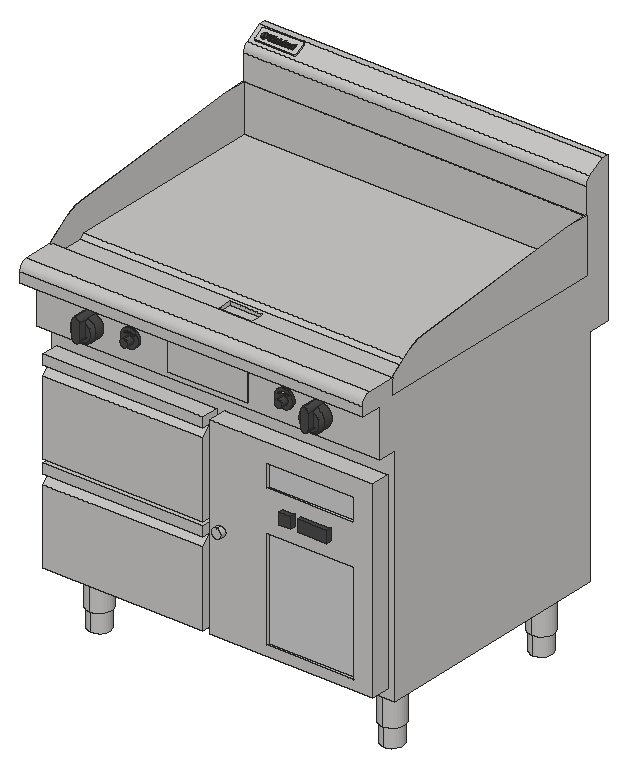
Revit family "QF_MOFFAT WALDORF_GP8900G-RB", category Specialty Equipment, Revit 2012
Parameters
  Weight in Pounds = 440.924  # constant formula
  Width [instance] = 900.00 mm  # constant formula
  Watts = 250 W
  Volts = 240 V
  URL Cutsheet = "www.moffat.com"
  URL = "www.moffat.com"
  Type Mark [instance] = ""
  Status [instance] = ""
  Specification by User [instance] = ""
  Specification by Manufacturer = ""
  Show Logo [instance] = yes
  Show Door [instance] = no
  Show Clearance [instance] = yes
  Show Casters [instance] = no
  Serial Number = ""
  Seismic Rating = ""
  SMACNA No = ""
  Revision Code [instance] = ""
  Refrigerant Type = "R134a"
  Phase = 1
  Omniclass Number and Title = ""
  Number of Poles = 1
  NAFEM Spec ID Number = ""
  Model = "GP8900G-RB"
  Min Ckt Ampacity = 0 A
  Mechanical Remarks = ""
  Mechanical Connection Type = ""
  Max Overcurrent Protection = 0 A
  Masterspec = ""
  Manufacturer = "MOFFAT WALDORF"
  Legs [instance] = not(Show Casters)  # yes
  Item Number [instance] = ""
  Installed By [instance] = ""
  Identify Quantity as Lot [instance] = yes
  Height = 1130.00 mm  # constant formula
  HP = ""
  Gas Size = 3/4"
  Gas RI Height = 0.00 mm
  Gas KW = 22.2
  Gas Input = 75825.0 Btu/h
  Gas Connection Height = 0.00 mm
  Furnished By [instance] = ""
  Foodservice Equipment Identifier [instance] = yes
  FL Amps = 1.8 A
  Elec Conn RI Height = 0.00 mm
  Elec Conn Connection Height = 0.00 mm
  Drawer Clearance [instance] = and(Show Clearance, and(Drawer))  # yes
  Drawer [instance] = not(Show Door)  # yes
  Door Clearance [instance] = and(Show Clearance, and(Show Door))  # no
  Description = "GRIDDLE PLATE GAS ON REFRIGERATED BASE"
  Depth [instance] = 805.00 mm  # constant formula
  Cycle = 50 Hz
  Conn Plug = ""
  Conn Conduit = yes
  CSI MasterFormat = ""
  CSI Master Format = ""
  Back Splash [instance] = 215.00 mm  # constant formula
  Apparent Power = if(Phase = 3, Volts * FL Amps * 1.73, Volts * FL Amps)  # 432 VA
Reference planes
  plane 1 "BACK": y = 0
  plane 2: z = 0
  plane 3 "LEFT": x = 0
  plane 4 "RIGHT": x = 900
  plane 5 "FRONT": y = -805
  plane 6 "TOP": z = 1130
  plane 7 "Center Y": x = 450
  plane 8 "Center X": y = -402.5
  plane 9 "Base Height": z = 150
  plane 10: z = 915
  plane 11: x = 65
  plane 12: x = 834
  plane 13: y = -625
  plane 14: x = 770
  plane 15: z = 655
  plane 16: y = -32
  plane 17: z = 174
  plane 18: z = 402
  plane 19: x = 617
  plane 20: y = -135
Forms (mm)
  Extrusion 1, solid, material "QF_Finishes_Stainless Steel"
    sketch origin (0, 0, 0) x (0, 1, 0) y (0, 0, 1)
      loop
        line (-805, 891) -> (-805, 866) -> (-749, 866) -> (-749, 740) -> (-699, 740) -> (-699, 150) -> (-59, 150) -> (-59, 740) -> (0, 740) -> (0, 1130) -> (-16.5, 1130) -> (-58, 1106.04)
        arc (-58, 1106.04) -> (-66.785, 1097.255) -> (-70, 1085.255) r 24
        line (-70, 1085.255) -> (-70, 875) -> (-705, 875) -> (-705, 915) -> (-781, 915)
        arc (-781, 915) -> (-797.971, 907.971) -> (-805, 891) r 24
    from 0 to 900
  Revolve 2, solid, material "QF_Finishes_Stainless Steel", visible <- "Legs"
    sketch origin (834, -245, 0) x (0, 1, 0) y (0, 0, -1)
      loop
        line (78.25, -150) -> (110, -150) -> (110, 0) -> (82.5, 0) -> (82.5, -50) -> (78.25, -50) -> (78.25, -150)
      axis (110, -150) -> (110, 0)
    angle from 0 to 360
  Revolve 3, solid, material "QF_Finishes_Stainless Steel"
    sketch origin (834, -735, 0) x (0, 1, 0) y (0, 0, -1)
      loop
        line (78.25, -150) -> (110, -150) -> (110, 0) -> (82.5, 0) -> (82.5, -50) -> (78.25, -50) -> (78.25, -150)
      axis (110, -150) -> (110, 0)
    angle from 0 to 360
  Revolve 4, solid, material "QF_Finishes_Stainless Steel", visible <- "Legs"
    sketch origin (65, -245, 0) x (0, 1, 0) y (0, 0, -1)
      loop
        line (78.25, -150) -> (110, -150) -> (110, 0) -> (82.5, 0) -> (82.5, -50) -> (78.25, -50) -> (78.25, -150)
      axis (110, -150) -> (110, 0)
    angle from 0 to 360
  Revolve 5, solid, material "QF_Finishes_Stainless Steel"
    sketch origin (65, -735, 0) x (0, 1, 0) y (0, 0, -1)
      loop
        line (78.25, -150) -> (110, -150) -> (110, 0) -> (82.5, 0) -> (82.5, -50) -> (78.25, -50) -> (78.25, -150)
      axis (110, -150) -> (110, 0)
    angle from 0 to 360
  Revolve 6, solid, material "QF_Finishes_Black"
    sketch origin (150, 0, 602.373) x (0, 1, 0) y (0, 0, -1)
      loop
        line (-782, -229.5) -> (-759, -229.5) -> (-759, -202) -> (-749, -202) -> (-749, -197) -> (-793, -197) -> (-793, -223.651) -> (-782, -229.5)
      axis (-793, -197) -> (-749, -197)
    angle from 0 to 360
  Extrusion 7, solid, material "QF_Finishes_Black"
    sketch origin (288.27, 0, 602.531) x (-1, 0, 0) y (0, 0, -1)
      loop
        arc (148.269, -184.969) -> (138.269, -174.969) -> (128.269, -184.969) r 10
        line (128.269, -184.969) -> (128.269, -223.969)
        arc (128.269, -223.969) -> (138.269, -233.969) -> (148.269, -223.969) r 10
        line (148.269, -223.969) -> (148.269, -184.969)
    from 759 to 808
  Extrusion 8, solid, material "QF_Finishes_Stainless Steel"
    sketch origin (-295, -749, 866) x (0, 0, -1) y (1, 0, 0)
      loop
        line (24, 640) -> (111, 640) -> (111, 850) -> (24, 850) -> (24, 640)
    from 0 to 2.5
  Extrusion 9, solid, material "QF_Finishes_Stainless Steel"
    sketch origin (-295, -751.5, 866) x (0, 0, -1) y (1, 0, 0)
      loop
        line (31, 850) -> (24, 850) -> (24, 640) -> (31, 640) -> (31, 850)
    from 0 to 5
  Extrusion 10, solid, material "QF_Finishes_Black"
    sketch origin (0, -749, 866) x (0, 0, -1) y (1, 0, 0)
      loop
        circle (66.25, 247.5) r 24
      loop
        arc (56.35, 262.413) -> (48.314, 247.625) -> (56.132, 232.719) r 17.868
        arc (56.132, 232.719) -> (56.612, 232.434) -> (57.127, 232.649) r 0.621
        arc (57.127, 232.649) -> (58.564, 235.208) -> (58.908, 238.122) r 7.495
        arc (58.908, 238.122) -> (58.704, 239.05) -> (58.256, 239.888) r 3.472
        arc (58.256, 239.888) -> (55.964, 247.351) -> (58.094, 254.862) r 13.786
        arc (58.094, 254.862) -> (58.734, 256.132) -> (58.999, 257.528) r 5.101
        arc (58.999, 257.528) -> (58.628, 260.047) -> (57.334, 262.239) r 6.611
        arc (57.334, 262.239) -> (56.872, 262.497) -> (56.35, 262.413) r 0.806
    from 0 to 5
  Extrusion 11, solid, material "QF_Finishes_Black"
    sketch origin (0, -754, 866) x (0, 0, -1) y (1, 0, 0)
      loop
        circle (69.75, 247.5) r 10
    from 0 to 18.251
  Extrusion 12, solid, material "QF_Finishes_Stainless Steel"
    sketch origin (0, -699, 685) x (1, 0, 0) y (0, -1, 0)
      loop
        circle (770, -667) r 13.5
    from -55 to 30
  Revolve 13, solid, material "QF_Finishes_Black"
    sketch origin (750, 0, 602.373) x (0, 1, 0) y (0, 0, 1)
      loop
        line (-782, 229.5) -> (-793, 223.651) -> (-793, 197) -> (-749, 197) -> (-749, 202) -> (-759, 202) -> (-759, 229.5) -> (-782, 229.5)
      axis (-793, 197) -> (-749, 197)
    angle from 0 to 360
  Extrusion 14, solid, material "QF_Finishes_Black"
    sketch origin (611.73, 0, 602.531) x (1, 0, 0) y (0, 0, 1)
      loop
        line (148.269, 184.969) -> (148.269, 223.969)
        arc (148.269, 223.969) -> (138.269, 233.969) -> (128.269, 223.969) r 10
        line (128.269, 223.969) -> (128.269, 184.969)
        arc (128.269, 184.969) -> (138.269, 174.969) -> (148.269, 184.969) r 10
    from 759 to 808
  Extrusion 15, solid, material "QF_Finishes_Black"
    sketch origin (900, -749, 866) x (0, 0, -1) y (1, 0, 0)
      loop
        circle (66.25, -247.5) r 24
      loop
        arc (56.35, -262.413) -> (56.872, -262.497) -> (57.334, -262.239) r 0.806
        arc (57.334, -262.239) -> (58.628, -260.047) -> (58.999, -257.528) r 6.611
        arc (58.999, -257.528) -> (58.734, -256.132) -> (58.094, -254.862) r 5.101
        arc (58.094, -254.862) -> (55.964, -247.351) -> (58.256, -239.888) r 13.786
        arc (58.256, -239.888) -> (58.704, -239.05) -> (58.908, -238.122) r 3.472
        arc (58.908, -238.122) -> (58.564, -235.208) -> (57.127, -232.649) r 7.495
        arc (57.127, -232.649) -> (56.612, -232.434) -> (56.132, -232.719) r 0.621
        arc (56.132, -232.719) -> (48.314, -247.625) -> (56.35, -262.413) r 17.868
    from 0 to 5
  Extrusion 16, solid, material "QF_Finishes_Black"
    sketch origin (900, -754, 866) x (0, 0, -1) y (1, 0, 0)
      loop
        circle (69.75, -247.5) r 10
    from 0 to 18.251
  Extrusion 17, solid, material "QF_Finishes_Stainless Steel"
    sketch origin (0, -699, 866) x (0, 0, -1) y (1, 0, 0)
      loop
        line (188, 881) -> (188, 453) -> (692, 453) -> (692, 881) -> (188, 881)
      loop
        line (667, 831) -> (402, 831) -> (402, 601) -> (667, 601) -> (667, 831)
      loop
        line (238, 831) -> (238, 601) -> (298, 601) -> (298, 831) -> (238, 831)
    from 0 to 48
  Extrusion 18, solid, material "QF_Finishes_Black"
    sketch origin (0, -747, 866) x (0, 0, -1) y (1, 0, 0)
      loop
        line (332.46, 644.926) -> (362.46, 644.926) -> (362.46, 674.926) -> (332.46, 674.926) -> (332.46, 644.926)
      loop
        line (332.46, 692.503) -> (362.46, 692.503) -> (362.46, 770.815) -> (332.46, 770.815) -> (332.46, 692.503)
    from 0 to 12.7
  Extrusion 19, solid, material "QF_Finishes_Stainless Steel"
    sketch origin (0, -747, 866) x (0, 0, -1) y (1, 0, 0)
      loop
        circle (441.229, 480.856) r 12.395
    from 0 to 12.7
  Extrusion 20, solid, material "QF_Finishes_Vents"
    sketch origin (0, -699, 866) x (0, 0, 1) y (-1, 0, 0)
      loop
        line (-298, -601) -> (-298, -831) -> (-238, -831) -> (-238, -601) -> (-298, -601)
      loop
        line (-402, -601) -> (-667, -601) -> (-667, -831) -> (-402, -831) -> (-402, -601)
    from 38.919 to -44.529
  Extrusion 21, solid, material "QF_Finishes_Stainless Steel"
    sketch origin (0, -59, 866) x (0, 0, 1) y (1, 0, 0)
      loop
        circle (-464, 617) r 13.5
    from 0 to 3.18
Cuts and joins
  joined: Extrusion 8, Extrusion 9
Lines and regions (mm)
  Split face 1
    outline origin (12.5, -16.5, 1130) x (0, -0.866025, -0.5) y (1, 0, 0)
      loop
        line (5.391, 151.462) -> (40.361, 151.462) -> (40.361, 169.241) -> (5.391, 169.241) -> (5.391, 151.462)
  Split face 2
    outline origin (66.25, -16.5, 1130) x (0, -0.866025, -0.5) y (1, 0, 0)
      loop
        line (5.391, 151.462) -> (40.361, 151.462) -> (40.361, 169.241) -> (5.391, 169.241) -> (5.391, 151.462)
  Split face 3
    outline origin (120, -16.5, 1130) x (0, -0.866025, -0.5) y (1, 0, 0)
      loop
        line (5.391, 151.462) -> (40.361, 151.462) -> (40.361, 169.241) -> (5.391, 169.241) -> (5.391, 151.462)
  Split face 4
    outline origin (-121.25, -16.5, 1130) x (0, -0.866025, -0.5) y (1, 0, 0)
      loop
        line (5.391, 451.462) -> (40.361, 451.462) -> (40.361, 469.241) -> (5.391, 469.241) -> (5.391, 451.462)
  Split face 5
    outline origin (-67.5, -16.5, 1130) x (0, -0.866025, -0.5) y (1, 0, 0)
      loop
        line (5.391, 451.462) -> (40.361, 451.462) -> (40.361, 469.241) -> (5.391, 469.241) -> (5.391, 451.462)
  Split face 6
    outline origin (-13.75, -16.5, 1130) x (0, -0.866025, -0.5) y (1, 0, 0)
      loop
        line (5.391, 451.462) -> (40.361, 451.462) -> (40.361, 469.241) -> (5.391, 469.241) -> (5.391, 451.462)
  Split face 7
    outline origin (40, -16.5, 1130) x (0, -0.866025, -0.5) y (1, 0, 0)
      loop
        line (5.391, 451.462) -> (40.361, 451.462) -> (40.361, 469.241) -> (5.391, 469.241) -> (5.391, 451.462)
  Split face 8
    outline origin (95, -16.5, 1130) x (0, -0.866025, -0.5) y (1, 0, 0)
      loop
        line (5.391, 451.462) -> (40.361, 451.462) -> (40.361, 469.241) -> (5.391, 469.241) -> (5.391, 451.462)
  Split face 9
    outline origin (150, -16.5, 1130) x (0, -0.866025, -0.5) y (1, 0, 0)
      loop
        line (5.391, 451.462) -> (40.361, 451.462) -> (40.361, 469.241) -> (5.391, 469.241) -> (5.391, 451.462)
  Split face 10
    outline origin (205, -16.5, 1130) x (0, -0.866025, -0.5) y (1, 0, 0)
      loop
        line (5.391, 451.462) -> (40.361, 451.462) -> (40.361, 469.241) -> (5.391, 469.241) -> (5.391, 451.462)
  symbolic lines
    curve 1: line (0, 0, 0) -> (0, -805, 0)
    curve 2: line (900, 0, 0) -> (0, 0, 0)
    curve 3: line (900, -805, 0) -> (900, 0, 0)
    curve 4: line (0, -70, 0) -> (900, -70, 0)
    curve 5: line (0, -805, 0) -> (900, -805, 0)
    curve 6: line (12.5, -20.958, 0) -> (121.5, -20.958, 0)
    curve 7: line (12.5, -51.234, 0) -> (12.5, -20.958, 0)
    curve 8: line (121.5, -20.958, 0) -> (121.5, -51.234, 0)
    curve 9: line (12.5, -51.234, 0) -> (121.5, -51.234, 0)
    curve 10: line (181.741, -21.168, 0) -> (181.741, -51.453, 0)
    curve 11: line (181.741, -51.453, 0) -> (163.962, -51.453, 0)
    curve 12: line (163.962, -51.453, 0) -> (163.962, -21.168, 0)
    curve 13: line (163.962, -21.168, 0) -> (181.741, -21.168, 0)
    curve 14: line (217.712, -51.453, 0) -> (217.712, -21.168, 0)
    curve 15: line (217.712, -21.168, 0) -> (235.491, -21.168, 0)
    curve 16: line (235.491, -21.168, 0) -> (235.491, -51.453, 0)
    curve 17: line (235.491, -51.453, 0) -> (217.712, -51.453, 0)
    curve 18: line (271.462, -51.453, 0) -> (271.462, -21.168, 0)
    curve 19: line (271.462, -21.168, 0) -> (289.241, -21.168, 0)
    curve 20: line (289.241, -21.168, 0) -> (289.241, -51.453, 0)
    curve 21: line (289.241, -51.453, 0) -> (271.462, -51.453, 0)
    curve 22: line (330.212, -51.453, 0) -> (330.212, -21.168, 0)
    curve 23: line (330.212, -21.168, 0) -> (347.991, -21.168, 0)
    curve 24: line (347.991, -21.168, 0) -> (347.991, -51.453, 0)
    curve 25: line (347.991, -51.453, 0) -> (330.212, -51.453, 0)
    curve 26: line (383.962, -51.453, 0) -> (401.741, -51.453, 0)
    curve 27: line (401.741, -51.453, 0) -> (401.741, -21.168, 0)
    curve 28: line (401.741, -21.168, 0) -> (383.962, -21.168, 0)
    curve 29: line (383.962, -21.168, 0) -> (383.962, -51.453, 0)
    curve 30: line (437.712, -51.453, 0) -> (455.491, -51.453, 0)
    curve 31: line (455.491, -51.453, 0) -> (455.491, -21.168, 0)
    curve 32: line (455.491, -21.168, 0) -> (437.712, -21.168, 0)
    curve 33: line (437.712, -21.168, 0) -> (437.712, -51.453, 0)
    curve 34: line (491.462, -51.453, 0) -> (509.241, -51.453, 0)
    curve 35: line (509.241, -51.453, 0) -> (509.241, -21.168, 0)
    curve 36: line (509.241, -21.168, 0) -> (491.462, -21.168, 0)
    curve 37: line (491.462, -21.168, 0) -> (491.462, -51.453, 0)
    curve 38: line (546.462, -51.453, 0) -> (564.241, -51.453, 0)
    curve 39: line (564.241, -51.453, 0) -> (564.241, -21.168, 0)
    curve 40: line (564.241, -21.168, 0) -> (546.462, -21.168, 0)
    curve 41: line (546.462, -21.168, 0) -> (546.462, -51.453, 0)
    curve 42: line (601.462, -51.453, 0) -> (619.241, -51.453, 0)
    curve 43: line (619.241, -51.453, 0) -> (619.241, -21.168, 0)
    curve 44: line (619.241, -21.168, 0) -> (601.462, -21.168, 0)
    curve 45: line (601.462, -21.168, 0) -> (601.462, -51.453, 0)
    curve 46: line (656.462, -51.453, 0) -> (674.241, -51.453, 0)
    curve 47: line (674.241, -51.453, 0) -> (674.241, -21.168, 0)
    curve 48: line (674.241, -21.168, 0) -> (656.462, -21.168, 0)
    curve 49: line (656.462, -21.168, 0) -> (656.462, -51.453, 0)
Dimensions and locks
  equal spacing: plane 3 "LEFT", plane 7 "Center Y", plane 4 "RIGHT"
  "Width": plane 3 "LEFT" to plane 4 "RIGHT"
  equal spacing: plane 5 "FRONT", plane 8 "Center X", plane 1 "BACK"
  "Depth": plane 5 "FRONT" to plane 1 "BACK"
  locked: plane 10 to level at 915
  locked: plane 9 "Base Height" to level at 150
  plane 6 "TOP" to plane 10 = 215.00 mm
  "Height": plane 6 "TOP" to level
  plane 14 to plane 4 "RIGHT" = 130.00 mm
  plane 15 to level = 655.00 mm
  plane 16 to plane 1 "BACK" = 32.00 mm
  plane 18 to level = 402.00 mm
  plane 19 to plane 4 "RIGHT" = 283.00 mm
  plane 13 to plane 20 = 490.00 mm
  aligned and locked: level to plane 2
Automatic sketch dimensions
  plane 1 "BACK" to curve 1 = 0.00 mm
  curve 1 to plane 3 "LEFT" = 0.00 mm
  curve 2 to plane 4 "RIGHT" = 0.00 mm
  plane 5 "FRONT" to curve 5 = 0.00 mm
  plane 3 "LEFT" to curve 6 = 12.50 mm
  curve 9 to plane 16 = 19.234 mm
  plane 11 to curve 9 = 56.50 mm
  plane 16 to curve 12 = 10.832 mm
  curve 6 to curve 12 = 42.462 mm
  curve 12 to curve 13 = 17.779 mm
  curve 10 to curve 14 = 35.971 mm
  curve 14 to curve 15 = 17.779 mm
  plane 16 to curve 19 = 10.832 mm
  curve 15 to curve 19 = 35.971 mm
  curve 18 to curve 20 = 17.779 mm
  curve 22 to plane 16 = 19.453 mm
  curve 20 to curve 22 = 40.971 mm
  curve 22 to curve 24 = 17.779 mm
  plane 16 to curve 29 = 10.832 mm
  curve 23 to curve 29 = 35.971 mm
  curve 28 to curve 27 = 17.779 mm
  curve 33 to plane 7 "Center Y" = 12.288 mm
  plane 7 "Center Y" to curve 31 = 5.491 mm
  plane 16 to curve 36 = 10.832 mm
  curve 31 to curve 36 = 35.971 mm
  curve 36 to curve 36 = 17.779 mm
  plane 16 to curve 40 = 10.832 mm
  curve 35 to curve 40 = 37.221 mm
  curve 40 to curve 40 = 17.779 mm
  curve 38 to curve 45 = 37.221 mm
  curve 44 to curve 43 = 17.779 mm
  plane 16 to curve 48 = 10.832 mm
  curve 43 to curve 48 = 37.221 mm
  curve 48 to curve 48 = 17.779 mm
  curve 4 to curve 7 = 18.766 mm
  curve 46 to plane 16 = 19.453 mm
  curve 45 to plane 16 = 19.453 mm
  curve 41 to plane 16 = 19.453 mm
  curve 37 to plane 16 = 19.453 mm
  curve 10 to plane 16 = 19.453 mm
  curve 14 to plane 16 = 19.453 mm
  curve 33 to plane 16 = 19.453 mm
  curve 18 to plane 16 = 19.453 mm
  curve 29 to plane 16 = 19.453 mm
  plane 16 to curve 16 = 10.832 mm
  plane 16 to curve 22 = 10.832 mm
  plane 16 to curve 32 = 10.832 mm
  plane 16 to curve 43 = 10.832 mm
  plane 16 to curve 7 = 11.042 mm
  Extrusion 1 sketch curve to plane 5 "FRONT" = 0.00 mm
  Extrusion 1 sketch curve to plane 10 = 0.00 mm
  Extrusion 1 sketch curve to plane 6 "TOP" = 0.00 mm
  Extrusion 1 sketch curve to plane 5 "FRONT" = 24.00 mm
  Extrusion 1 sketch curve to plane 5 "FRONT" = 56.00 mm
  Extrusion 1 sketch curve to Extrusion 1 sketch curve = 44.00 mm
  Extrusion 1 sketch curve to Extrusion 1 sketch curve = 50.00 mm
  Extrusion 1 sketch curve to Extrusion 1 sketch curve = 12.00 mm
  Extrusion 1 sketch curve to plane 16 = 14.00 mm
  plane 16 to Extrusion 1 sketch curve = 15.50 mm
  plane 15 to Extrusion 1 sketch curve = 85.00 mm  (x2)
  Extrusion 1 sketch curve to Extrusion 1 sketch curve = 25.00 mm
  Extrusion 1 sketch curve to plane 10 = 40.00 mm
  Extrusion 1 sketch curve to plane 6 "TOP" = 44.745 mm
  Revolve 2 sketch curve to plane 9 "Base Height" = 0.00 mm
  Revolve 2 sketch curve to level = 0.00 mm
  level to Revolve 2 sketch curve = 50.00 mm
  Revolve 2 sketch curve to Revolve 2 sketch curve = 0.00 mm
  Revolve 2 sketch curve to Revolve 2 sketch curve = 55.00 mm
  Revolve 3 sketch curve to plane 9 "Base Height" = 0.00 mm
  Revolve 3 sketch curve to level = 0.00 mm
  Revolve 3 sketch curve to plane 13 = 0.00 mm  (x2)
  Revolve 3 sketch curve to plane 13 = 27.50 mm
  Revolve 3 sketch curve to plane 13 = 31.75 mm
  level to Revolve 3 sketch curve = 50.00 mm
  Revolve 3 sketch curve to Revolve 3 sketch curve = 0.00 mm
  Revolve 3 sketch curve to Revolve 3 sketch curve = 55.00 mm
  Revolve 4 sketch curve to plane 9 "Base Height" = 0.00 mm
  Revolve 4 sketch curve to level = 0.00 mm
  level to Revolve 4 sketch curve = 50.00 mm
  Revolve 4 sketch curve to Revolve 4 sketch curve = 0.00 mm
  Revolve 4 sketch curve to Revolve 4 sketch curve = 55.00 mm
  Revolve 5 sketch curve to plane 9 "Base Height" = 0.00 mm
  Revolve 5 sketch curve to level = 0.00 mm
  Revolve 5 sketch curve to plane 13 = 0.00 mm  (x2)
  Revolve 5 sketch curve to plane 13 = 27.50 mm
  Revolve 5 sketch curve to plane 13 = 31.75 mm
  level to Revolve 5 sketch curve = 50.00 mm
  Revolve 5 sketch curve to Revolve 5 sketch curve = 0.00 mm
  Revolve 5 sketch curve to Revolve 5 sketch curve = 55.00 mm
  Extrusion 1 to Split face 1 sketch curve = 5.391 mm
  Split face 1 sketch curve to Extrusion 1 = 7.559 mm
  Split face 1 sketch curve to Extrusion 1 = 163.962 mm
  Split face 1 sketch curve to Split face 1 sketch curve = 17.779 mm
  Extrusion 1 to Split face 2 sketch curve = 5.391 mm
  Split face 2 sketch curve to Extrusion 1 = 7.559 mm
  Split face 2 sketch curve to Extrusion 1 = 217.712 mm
  Split face 2 sketch curve to Split face 2 sketch curve = 17.779 mm
  Extrusion 1 to Split face 3 sketch curve = 5.391 mm
  Split face 3 sketch curve to Extrusion 1 = 7.559 mm
  Split face 3 sketch curve to Extrusion 1 = 271.462 mm
  Split face 3 sketch curve to Split face 3 sketch curve = 17.779 mm
  Extrusion 1 to Split face 4 sketch curve = 5.391 mm
  Split face 4 sketch curve to Extrusion 1 = 7.559 mm
  Split face 4 sketch curve to Extrusion 1 = 330.212 mm
  Split face 4 sketch curve to Split face 4 sketch curve = 17.779 mm
  Extrusion 1 to Split face 5 sketch curve = 5.391 mm
  Split face 5 sketch curve to Extrusion 1 = 7.559 mm
  Split face 5 sketch curve to Extrusion 1 = 383.962 mm
  Split face 5 sketch curve to Split face 5 sketch curve = 17.779 mm
  Extrusion 1 to Split face 6 sketch curve = 5.391 mm
  Split face 6 sketch curve to Extrusion 1 = 7.559 mm
  Split face 6 sketch curve to Extrusion 1 = 437.712 mm
  Split face 6 sketch curve to Split face 6 sketch curve = 17.779 mm
  Extrusion 1 to Split face 7 sketch curve = 5.391 mm
  Split face 7 sketch curve to Extrusion 1 = 7.559 mm
  Split face 7 sketch curve to Extrusion 1 = 408.538 mm
  Split face 7 sketch curve to Split face 7 sketch curve = 17.779 mm
  Revolve 6 sketch curve to plane 5 "FRONT" = 12.00 mm
  Revolve 6 sketch curve to Revolve 6 sketch curve = 0.00 mm  (x2)
  Revolve 6 sketch curve to Revolve 6 sketch curve = 11.00 mm
  Revolve 6 sketch curve to Revolve 6 sketch curve = 12.70 mm
  Revolve 6 sketch curve to Revolve 6 sketch curve = 23.00 mm
  Revolve 6 sketch curve to Revolve 6 sketch curve = 10.00 mm
  Revolve 6 sketch curve to plane 10 = 83.127 mm
  Revolve 6 sketch curve to Revolve 6 sketch curve = 5.849 mm
  Revolve 6 sketch curve to Revolve 6 sketch curve = 27.50 mm
  Revolve 6 sketch curve to Revolve 6 sketch curve = 5.00 mm
  plane 11 to Extrusion 7 sketch curve = 95.001 mm
  Extrusion 7 sketch curve to Extrusion 7 sketch curve = 10.00 mm
  Extrusion 7 sketch curve to plane 10 = 88.50 mm
  Extrusion 7 sketch curve to Extrusion 7 sketch curve = 39.00 mm
  Extrusion 1 to Extrusion 8 sketch curve = 24.00 mm
  Extrusion 8 sketch curve to Extrusion 1 = 15.00 mm
  Extrusion 1 to Extrusion 8 sketch curve = 345.00 mm
  Extrusion 8 sketch curve to Extrusion 8 sketch curve = 210.00 mm
  Extrusion 9 sketch curve to Extrusion 8 = 0.00 mm  (x2)
  Extrusion 8 to Extrusion 9 sketch curve = 0.00 mm
  Extrusion 9 sketch curve to Extrusion 8 = 7.00 mm
  Extrusion 1 to Extrusion 10 sketch curve = 51.437 mm
  Extrusion 10 sketch curve to Extrusion 10 sketch curve = 0.958 mm
  Extrusion 10 sketch curve to Extrusion 10 sketch curve = 1.509 mm
  Extrusion 10 sketch curve to Extrusion 10 sketch curve = 4.01 mm
  Extrusion 10 sketch curve to Extrusion 10 sketch curve = 0.685 mm
  Extrusion 10 sketch curve to Extrusion 10 sketch curve = 2.447 mm
  Extrusion 10 sketch curve to Extrusion 10 sketch curve = 0.524 mm
  Extrusion 10 sketch curve to Extrusion 10 sketch curve = 0.381 mm
  Extrusion 10 sketch curve to Extrusion 10 sketch curve = 0.472 mm
  Extrusion 10 sketch curve to Extrusion 10 sketch curve = 0.00 mm  (x5)
  Extrusion 10 sketch curve to Extrusion 10 sketch curve = 0.602 mm
  Extrusion 10 sketch curve to Extrusion 10 sketch curve = 4.19 mm
  Extrusion 10 sketch curve to Extrusion 10 sketch curve = 2.809 mm
  Extrusion 10 sketch curve to Extrusion 10 sketch curve = 0.652 mm
  Extrusion 10 sketch curve to Extrusion 10 sketch curve = 0.905 mm
  Extrusion 10 sketch curve to Extrusion 10 sketch curve = 8.087 mm
  Extrusion 10 sketch curve to Extrusion 10 sketch curve = 0.069 mm
  Extrusion 10 sketch curve to Extrusion 10 sketch curve = 3.50 mm
  Extrusion 1 to Extrusion 10 sketch curve = 232.649 mm
  Extrusion 10 sketch curve to Extrusion 10 sketch curve = 0.07 mm
  Extrusion 10 sketch curve to Extrusion 10 sketch curve = 7.606 mm
  Extrusion 10 sketch curve to Extrusion 10 sketch curve = 0.007 mm
  Extrusion 12 sketch curve to plane 14 = 0.00 mm
  Extrusion 12 sketch curve to plane 16 = 0.00 mm
  Revolve 13 sketch curve to plane 5 "FRONT" = 12.00 mm
  Revolve 13 sketch curve to Revolve 13 sketch curve = 0.00 mm  (x2)
  Revolve 13 sketch curve to Revolve 13 sketch curve = 11.00 mm
  Revolve 13 sketch curve to Revolve 13 sketch curve = 12.70 mm
  Revolve 13 sketch curve to Revolve 13 sketch curve = 23.00 mm
  Revolve 13 sketch curve to Revolve 13 sketch curve = 10.00 mm
  Revolve 13 sketch curve to plane 10 = 115.627 mm
  Revolve 13 sketch curve to Revolve 13 sketch curve = 5.00 mm
  Revolve 13 sketch curve to Revolve 13 sketch curve = 26.651 mm
  Revolve 13 sketch curve to Revolve 13 sketch curve = 5.849 mm
  Extrusion 14 sketch curve to plane 14 = 30.001 mm
  Extrusion 14 sketch curve to Extrusion 14 sketch curve = 10.00 mm
  Extrusion 14 sketch curve to plane 10 = 127.50 mm
  Extrusion 14 sketch curve to Extrusion 14 sketch curve = 39.00 mm
  Extrusion 1 to Extrusion 15 sketch curve = 51.437 mm
  Extrusion 15 sketch curve to Extrusion 15 sketch curve = 0.958 mm
  Extrusion 15 sketch curve to Extrusion 15 sketch curve = 1.509 mm
  Extrusion 15 sketch curve to Extrusion 15 sketch curve = 4.01 mm
  Extrusion 15 sketch curve to Extrusion 15 sketch curve = 0.685 mm
  Extrusion 15 sketch curve to Extrusion 15 sketch curve = 2.447 mm
  Extrusion 15 sketch curve to Extrusion 15 sketch curve = 0.524 mm
  Extrusion 15 sketch curve to Extrusion 15 sketch curve = 0.381 mm
  Extrusion 15 sketch curve to Extrusion 15 sketch curve = 0.472 mm
  Extrusion 15 sketch curve to Extrusion 15 sketch curve = 0.00 mm  (x5)
  Extrusion 15 sketch curve to Extrusion 15 sketch curve = 0.602 mm
  Extrusion 15 sketch curve to Extrusion 15 sketch curve = 4.19 mm
  Extrusion 15 sketch curve to Extrusion 15 sketch curve = 2.809 mm
  Extrusion 15 sketch curve to Extrusion 15 sketch curve = 0.652 mm
  Extrusion 15 sketch curve to Extrusion 15 sketch curve = 0.905 mm
  Extrusion 15 sketch curve to Extrusion 15 sketch curve = 8.087 mm
  Extrusion 15 sketch curve to Extrusion 15 sketch curve = 0.069 mm
  Extrusion 15 sketch curve to Extrusion 15 sketch curve = 3.50 mm
  Extrusion 1 to Extrusion 15 sketch curve = 262.413 mm
  Extrusion 15 sketch curve to Extrusion 15 sketch curve = 0.175 mm
  Extrusion 15 sketch curve to Extrusion 15 sketch curve = 7.362 mm
  Extrusion 15 sketch curve to Extrusion 15 sketch curve = 0.007 mm
  Extrusion 1 to Split face 8 sketch curve = 5.391 mm
  Split face 8 sketch curve to Extrusion 1 = 7.559 mm
  Split face 8 sketch curve to Extrusion 1 = 353.538 mm
  Split face 8 sketch curve to Split face 8 sketch curve = 17.779 mm
  Extrusion 1 to Split face 9 sketch curve = 5.391 mm
  Split face 9 sketch curve to Extrusion 1 = 7.559 mm
  Split face 9 sketch curve to Extrusion 1 = 298.538 mm
  Split face 9 sketch curve to Split face 9 sketch curve = 17.779 mm
  Extrusion 1 to Split face 10 sketch curve = 5.391 mm
  Split face 10 sketch curve to Extrusion 1 = 7.559 mm
  Split face 10 sketch curve to Extrusion 1 = 243.538 mm
  Split face 10 sketch curve to Split face 10 sketch curve = 17.779 mm
  Extrusion 17 sketch curve to plane 17 = 0.00 mm
  Extrusion 17 sketch curve to plane 17 = 25.00 mm
  plane 12 to Extrusion 17 sketch curve = 3.00 mm  (x2)
  Extrusion 17 sketch curve to plane 15 = 191.00 mm
  Extrusion 17 sketch curve to plane 15 = 87.00 mm
  Extrusion 17 sketch curve to plane 15 = 27.00 mm
  plane 15 to Extrusion 17 sketch curve = 23.00 mm
  plane 7 "Center Y" to Extrusion 17 sketch curve = 151.00 mm
  Extrusion 17 sketch curve to Extrusion 17 sketch curve = 0.00 mm
  plane 7 "Center Y" to Extrusion 17 sketch curve = 3.00 mm
  plane 4 "RIGHT" to Extrusion 17 sketch curve = 19.00 mm
  Extrusion 18 sketch curve to Extrusion 17 = 34.46 mm  (x2)
  Extrusion 18 sketch curve to Extrusion 18 sketch curve = 30.00 mm  (x2)
  Extrusion 18 sketch curve to Extrusion 18 sketch curve = 0.00 mm
  Extrusion 17 to Extrusion 18 sketch curve = 43.926 mm
  Extrusion 18 sketch curve to Extrusion 18 sketch curve = 17.577 mm
  Extrusion 17 to Extrusion 18 sketch curve = 60.185 mm
  Extrusion 17 to Extrusion 19 sketch curve = 39.229 mm
  Extrusion 19 sketch curve to Extrusion 17 = 27.856 mm
  Extrusion 20 sketch curve to Extrusion 1 = 49.00 mm
  Extrusion 1 to Extrusion 20 sketch curve = 69.00 mm  (x2)
  Extrusion 20 sketch curve to Extrusion 20 sketch curve = 265.00 mm
  Extrusion 20 sketch curve to Extrusion 20 sketch curve = 104.00 mm
  Extrusion 20 sketch curve to Extrusion 20 sketch curve = 60.00 mm
  Extrusion 20 sketch curve to Extrusion 20 sketch curve = 230.00 mm
  Extrusion 20 sketch curve to Extrusion 20 sketch curve = 0.00 mm
  Extrusion 1 sketch curve to plane 9 "Base Height" = 0.00 mm
  Extrusion 1 sketch curve to plane 1 "BACK" = 0.00 mm
  Extrusion 1 to Extrusion 21 sketch curve = 252.00 mm
  Extrusion 1 to Extrusion 21 sketch curve = 283.00 mm
  Extrusion 1 sketch curve to Extrusion 1 sketch curve = 24.00 mm
  Extrusion 1 sketch curve to plane 16 = 27.00 mm
  Revolve 2 sketch curve to plane 16 = 134.75 mm
  Revolve 2 sketch curve to Revolve 2 sketch curve = 4.25 mm
  Revolve 2 sketch curve to Revolve 2 sketch curve = 27.50 mm  (x2)
  Revolve 4 sketch curve to plane 16 = 134.75 mm
  Revolve 4 sketch curve to Revolve 4 sketch curve = 4.25 mm
  Revolve 4 sketch curve to Revolve 4 sketch curve = 27.50 mm  (x2)
  radius of Extrusion 10 sketch curve = 24.00 mm
  radius of Extrusion 11 sketch curve to Extrusion 10 = 3.786 mm
  radius of Extrusion 12 sketch curve = 13.50 mm
  radius of Extrusion 15 sketch curve = 24.00 mm
  radius of Extrusion 16 sketch curve to Extrusion 15 = 3.786 mm
  radius of Extrusion 19 sketch curve = 12.395 mm
  radius of Extrusion 21 sketch curve = 13.50 mm
Nested families
  nested 1: "GP8900G-RB-CASTERS" at (65, -127.5, 0), Show Casters <- "Show Casters", visible <- "Show Casters", type "GP8600G-RB-CASTERS"
    with Type Mark "", Status "", Specification by User "", Show Casters no, Revision Code "", Item Number "", Installed By "", Identify Quantity as Lot yes, Furnished By "", Foodservice Equipment Identifier yes
  nested 2: "GP8900G-RB-CASTERS" at (835, -127.5, 0), Show Casters <- "Show Casters", visible <- "Show Casters", type "GP8600G-RB-CASTERS"
    with Type Mark "", Status "", Specification by User "", Show Casters no, Revision Code "", Item Number "", Installed By "", Identify Quantity as Lot yes, Furnished By "", Foodservice Equipment Identifier yes
  nested 3: "GAS GRIDDLE PLATE" at (0, -70, 875), type "GAS GRIDDLE PLATE"
    with Type Mark "", Status "", Specification by User "", Show Clearance yes, Revision Code "", Number of Poles 1, Mechanical Remarks "", Mechanical Connection Type "", Item Number "", Installed By "", Identify Quantity as Lot yes, Gas RI Height 0.00 mm, Gas KW 0, Gas Input 0.0 Btu/h, Furnished By "", Foodservice Equipment Identifier yes, Electrical Remarks "", Electric Connection Type "", Elec Conn RI Height 0.00 mm, Elec Conn Connection Height 0.00 mm
  nested 4: "GP8900G-RB-DOOR AND DRAWER" at (15, -702.18, 174), Show Door <- "Show Door", Show Drawer <- "Drawer", Drawer Clearance <- "Drawer Clearance", Door Clearance <- "Door Clearance", type "GP8900G-RB-DOOR AND DRAWER"
    with Type Mark "", Status "", Specification by User "", Show Drawer yes, Show Door no, Revision Code "", Item Number "", Installed By "", Identify Quantity as Lot yes, Furnished By "", Foodservice Equipment Identifier yes, Drawer Clearance yes, Door Clearance no
  nested 5: "WALDORF LOGO_FACE BASE" at (12.5, -21.848, 1126.912) x (1, 0, 0) z (0, -0.5, 0.866), visible <- "Show Logo", type "WALDORF LOGO_FACE BASE", detail levels medium+fine
    with Show Logo yes
Connectors
  piping at (770, -32, 655)
    settings: on Extrusion 12, index 1, connector radius 0.37402", flow factor 0, pipe flow 0 GPM, pressure drop 0.00 psi, fitting loss kfactor 0, connector angle 0.00°, fixture units 0, engagement length 0.00 mm, flow configuration 1, flow direction 1, fitting loss method 0, system type 7, joint type 0, gender type 0, connector reference index -1, connector utility 0, adjustable connector no, is connector primary yes, fitting loss table "", connector description "GAS CONNECTION"
  electrical at (617, -55.82, 402), driven by "Volts", driven by "Watts"
    settings: on Extrusion 21, index 2, voltage 240 V, apparent load 250 VA, apparent load phase1 0 VA, apparent load phase2 0 VA, apparent load phase3 0 VA, power factor 1, load classification "Other", number of poles 1, system type 30, power factor state 1, is connector primary yes, connector utility no, sub classification motor no, connector description "ELECTRICAL CONNECTION"
Definition of nested family "GAS GRIDDLE PLATE"
  Parameters (values of type "GAS GRIDDLE PLATE")
    Weight in Pounds = 0
    Watts = 0 W
    Volts = 0 V
    URL Cutsheet = ""
    Type Mark [instance] = ""
    Status [instance] = ""
    Specification by User [instance] = ""
    Specification by Manufacturer = ""
    Show Clearance [instance] = yes
    Serial Number = ""
    Seismic Rating = ""
    SMACNA No = ""
    Revision Code [instance] = ""
    Phase = 1
    Omniclass Number and Title = ""
    Number of Poles [instance] = 1
    NAFEM Spec ID Number = ""
    Min Ckt Ampacity = 0 A
    Mechanical Remarks [instance] = ""
    Mechanical Connection Type [instance] = ""
    Max Overcurrent Protection = 0 A
    Masterspec = ""
    Item Number [instance] = ""
    Installed By [instance] = ""
    Identify Quantity as Lot [instance] = yes
    HP = ""
    Gas Size = 0"
    Gas RI Height [instance] = 0.00 mm
    Gas KW [instance] = 0
    Gas Input [instance] = 0.0 Btu/h
    Gas Connection Height = 0.00 mm
    Furnished By [instance] = ""
    Foodservice Equipment Identifier [instance] = yes
    FL Amps = 0 A
    Electrical Remarks [instance] = ""
    Electric Connection Type [instance] = ""
    Elec Conn RI Height [instance] = 0.00 mm
    Elec Conn Connection Height [instance] = 0.00 mm
    Cycle = 0 Hz
    Conn Plug = ""
    Conn Conduit = yes
    CSI MasterFormat = ""
    CSI Master Format = ""
    Apparent Power = if(Phase = 3, Volts * FL Amps * 1.73, Volts * FL Amps)  # 0 VA
  Reference planes
    plane 1 "BACK": y = 0
    plane 2: z = 0
    plane 3 "LEFT": x = 0
    plane 4 "RIGHT": x = 900
    plane 5 "FRONT": y = -634.4
    plane 6 "TOP": z = 142.5
    plane 7 "Center Y": x = 450
    plane 8 "Center X": y = -317.2
  Forms (mm)
    Extrusion 1, solid, material "QF_Finishes_Stainless Steel"
      sketch origin (0, 70.003, -875) x (0, 1, 0) y (0, 0, 1)
        loop
          line (-70, 875) -> (-70, 1017.5) -> (-126.948, 1017.5) -> (-604.433, 971.523)
          arc (-604.433, 971.523) -> (-629.46, 965.803) -> (-652.206, 953.899) r 100
          line (-652.206, 953.899) -> (-704.403, 917.35) -> (-704.403, 875) -> (-70, 875)
      from 0 to 1.8
    Extrusion 2, solid, material "QF_Finishes_Stainless Steel"
      sketch origin (150, 70.003, -875) x (0, 1, 0) y (0, 0, 1)
        loop
          line (-70, 895) -> (-601, 895) -> (-611.5, 884.5) -> (-704.403, 884.5) -> (-704.403, 875) -> (-70, 875) -> (-70, 895)
      from -148.2 to 748.2
    Extrusion 3, void
      sketch origin (150, -541.497, 9.5) x (0, -1, 0) y (1, 0, 0)
        loop
          line (10, 344.25) -> (10, 255.75) -> (48.5, 255.75) -> (48.5, 344.25) -> (10, 344.25)
      from -41.4 to 40.142
    Extrusion 4, solid, material "QF_Finishes_Stainless Steel"
      sketch origin (150, 0.003, 211.074) x (0, 0, -1) y (1, 0, 0)
        loop
          line (68.574, -148.2) -> (191.074, -148.2) -> (191.074, 748.2) -> (68.574, 748.2) -> (68.574, -148.2)
      from 0 to 1.683
    Extrusion 5, solid, material "QF_Finishes_Stainless Steel"
      sketch origin (900, 70.003, -875) x (0, 1, 0) y (0, 0, -1)
        loop
          line (-70, -875) -> (-704.403, -875) -> (-704.403, -917.35) -> (-652.206, -953.899)
          arc (-652.206, -953.899) -> (-629.46, -965.803) -> (-604.433, -971.523) r 100
          line (-604.433, -971.523) -> (-126.948, -1017.5) -> (-70, -1017.5) -> (-70, -875)
      from 0 to 1.8
  Cuts and joins
    Extrusion 3 cuts Extrusion 2
  Lines and regions (mm)
    symbolic lines
      curve 1: line (898.8, -530.997, 0) -> (1.8, -530.997, 0)
      curve 2: line (1.8, -541.497, 0) -> (898.8, -541.497, 0)
      curve 3: line (405.75, -551.497, 0) -> (405.75, -589.997, 0)
      curve 4: line (405.75, -589.997, 0) -> (494.25, -589.997, 0)
      curve 5: line (494.25, -589.997, 0) -> (494.25, -551.497, 0)
      curve 6: line (494.25, -551.497, 0) -> (405.75, -551.497, 0)
      curve 7: line (1.8, -1.68, 0) -> (898.8, -1.68, 0)
      curve 8: line (898.8, -1.68, 0) -> (898.8, -634.4, 0)
      curve 9: line (1.8, -634.4, 0) -> (1.8, -1.68, 0)
      curve 10: line (1.8, -634.4, 0) -> (898.8, -634.4, 0)
  Dimensions and locks
    equal spacing: plane 3 "LEFT", plane 7 "Center Y", plane 4 "RIGHT"
    plane 3 "LEFT" to plane 4 "RIGHT" = 900.00 mm
    equal spacing: plane 5 "FRONT", plane 8 "Center X", plane 1 "BACK"
    plane 5 "FRONT" to plane 1 "BACK" = 634.40 mm
    aligned and locked: level to plane 2
  Automatic sketch dimensions
    plane 5 "FRONT" to curve 10 = 0.00 mm
    plane 3 "LEFT" to curve 10 = 1.80 mm
    curve 4 to plane 5 "FRONT" = 44.403 mm
    plane 4 "RIGHT" to curve 4 = 494.25 mm
    plane 4 "RIGHT" to curve 5 = 405.75 mm
    plane 4 "RIGHT" to curve 8 = 1.20 mm
    curve 3 to curve 3 = 38.50 mm
    curve 2 to plane 5 "FRONT" = 92.903 mm
    curve 2 to curve 1 = 10.50 mm
    plane 1 "BACK" to curve 9 = 1.68 mm
    Extrusion 1 sketch curve to level = 0.00 mm
    Extrusion 1 sketch curve to plane 5 "FRONT" = 0.00 mm
    Extrusion 1 sketch curve to plane 6 "TOP" = 0.00 mm
    Extrusion 1 sketch curve to plane 5 "FRONT" = 52.197 mm
    Extrusion 1 sketch curve to Extrusion 1 sketch curve = 47.773 mm
    Extrusion 1 sketch curve to level = 3.016 mm
    Extrusion 1 sketch curve to Extrusion 1 sketch curve = 9.585 mm
    plane 1 "BACK" to Extrusion 1 sketch curve = 56.945 mm
    Extrusion 1 sketch curve to plane 1 "BACK" = 0.003 mm
    level to Extrusion 1 sketch curve = 42.35 mm
    Extrusion 1 sketch curve to plane 6 "TOP" = 63.601 mm
    Extrusion 2 sketch curve to level = 0.00 mm
    Extrusion 2 sketch curve to plane 5 "FRONT" = 0.00 mm
    level to Extrusion 2 sketch curve = 9.50 mm
    Extrusion 2 sketch curve to Extrusion 2 sketch curve = 92.903 mm
    Extrusion 2 sketch curve to Extrusion 2 sketch curve = 10.50 mm  (x2)
    Extrusion 2 sketch curve to plane 1 "BACK" = 0.003 mm
    Extrusion 2 to Extrusion 3 sketch curve = 10.00 mm
    Extrusion 3 sketch curve to Extrusion 3 sketch curve = 38.50 mm
    Extrusion 2 to Extrusion 3 sketch curve = 492.45 mm
    Extrusion 2 to Extrusion 3 sketch curve = 403.95 mm
    Extrusion 4 sketch curve to plane 6 "TOP" = 0.00 mm
    level to Extrusion 4 sketch curve = 20.00 mm
    plane 3 "LEFT" to Extrusion 4 sketch curve = 1.80 mm
    plane 7 "Center Y" to Extrusion 4 sketch curve = 448.20 mm
    Extrusion 5 sketch curve to level = 0.00 mm
    Extrusion 5 sketch curve to plane 5 "FRONT" = 0.00 mm
    Extrusion 5 sketch curve to plane 6 "TOP" = 0.00 mm
    Extrusion 5 sketch curve to plane 5 "FRONT" = 52.197 mm
    Extrusion 5 sketch curve to Extrusion 5 sketch curve = 47.773 mm
    Extrusion 5 sketch curve to level = 3.016 mm
    Extrusion 5 sketch curve to Extrusion 5 sketch curve = 57.358 mm
    plane 1 "BACK" to Extrusion 5 sketch curve = 56.945 mm
    Extrusion 5 sketch curve to plane 1 "BACK" = 0.003 mm
    Extrusion 5 sketch curve to plane 6 "TOP" = 45.977 mm
    level to Extrusion 5 sketch curve = 42.35 mm
Definition of nested family "GP8900G-RB-DOOR AND DRAWER"
  Parameters (values of type "GP8900G-RB-DOOR AND DRAWER")
    Weight in Pounds = 0
    URL Cutsheet = ""
    URL = ""
    Type Mark [instance] = ""
    Status [instance] = ""
    Specification by User [instance] = ""
    Specification by Manufacturer = ""
    Show Door [instance] = yes
    Serial Number = ""
    Seismic Rating = ""
    SMACNA No = ""
    Revision Code [instance] = ""
    Omniclass Number and Title = ""
    NAFEM Spec ID Number = ""
    Model = ""
    Masterspec = ""
    Manufacturer = ""
    Item Number [instance] = ""
    Installed By [instance] = ""
    Identify Quantity as Lot [instance] = yes
    Furnished By [instance] = ""
    Foodservice Equipment Identifier [instance] = yes
    Show Drawer [instance] = yes
    Drawer Clearance [instance] = yes
    Door Clearance [instance] = yes
    Description = ""
    CSI MasterFormat = ""
    CSI Master Format = ""
  Reference planes
    plane 1 "BACK": y = 0
    plane 2: z = 0
    plane 3 "LEFT": x = 0
    plane 4 "RIGHT": x = 420
    plane 5 "FRONT": y = -464.82
    plane 6 "TOP": z = 504
    plane 7 "Center Y": x = 210
    plane 8 "Center X": y = -232.41
    plane 9: x = 420
  Forms (mm)
    Extrusion 1, solid, material "QF_Finishes_Stainless Steel", visible <- "Show Drawer"
      sketch origin (-19, 702.18, -174) x (0, 1, 0) y (0, 0, 1)
        loop
          line (-747, 678) -> (-747, 653) -> (-722, 653) -> (-747, 628) -> (-747, 431) -> (-702.18, 431) -> (-702.18, 678) -> (-747, 678)
        loop
          line (-747, 421) -> (-747, 396) -> (-722, 396) -> (-747, 371) -> (-747, 174) -> (-702.18, 174) -> (-702.18, 421) -> (-747, 421)
      from 19 to 439
    Extrusion 2, solid, material "QF_Door-Drawer Clearances", visible <- "Drawer Clearance", detail levels coarse
      sketch origin (-19, -44.82, 257) x (0, 0, 1) y (-1, 0, 0)
        loop
          line (-257, -19) -> (-257, -439) -> (-10, -439) -> (-10, -19) -> (-257, -19)
        loop
          line (0, -19) -> (0, -439) -> (247, -439) -> (247, -19) -> (0, -19)
      from 0 to 304.8
    Extrusion 3, solid, material "QF_Finishes_Stainless Steel", visible <- "Show Door"
      sketch origin (-19, 702.18, -174) x (0, 1, 0) y (0, 0, 1)
        loop
          line (-748.15, 675.55) -> (-748.15, 658) -> (-723.95, 658) -> (-723.95, 648.15)
          arc (-723.95, 648.15) -> (-740.921, 641.121) -> (-747.95, 624.15) r 24
          line (-747.95, 624.15) -> (-747.95, 198)
          arc (-747.95, 198) -> (-740.921, 181.029) -> (-723.95, 174) r 24
          line (-723.95, 174) -> (-705.2, 174) -> (-705.2, 678) -> (-745.7, 678)
          arc (-745.7, 678) -> (-747.432, 677.282) -> (-748.15, 675.55) r 2.45
      from 19 to 439
    Extrusion 4, solid, material "QF_Door-Drawer Clearances", visible <- "Door Clearance", detail levels coarse
      sketch origin (-19, -8.47, 0) x (-1, 0, 0) y (0, 1, 0)
        loop
          line (-19, -36.35) -> (-439, -36.35)
          arc (-439, -36.35) -> (-315.985, -333.335) -> (-19, -456.35) r 420
          line (-19, -456.35) -> (-19, -36.35)
      from 0 to -504
  Lines and regions (mm)
    symbolic lines, style "QF_Door-Drawer Clearances", visible <- "Drawer Clearance"
      curve 1: line (0, -102.82, 150) -> (0, -349.62, 150)
      curve 2: line (0, -349.62, 150) -> (420, -349.62, 150)
      curve 3: line (420, -349.62, 150) -> (420, -104.62, 150)
    symbolic lines, style "QF_Door-Drawer Clearances", visible <- "Door Clearance"
      curve 4: line (58, -102.82, 150) -> (296.985, -341.805, 150)
      curve 5: arc (416.229, -100.977, 150) -> (376.388, -231.185, 150) -> (296.985, -341.805, 150) r 420
  Dimensions and locks
    equal spacing: plane 3 "LEFT", plane 7 "Center Y", plane 4 "RIGHT"
    plane 3 "LEFT" to plane 4 "RIGHT" = 420.00 mm
    equal spacing: plane 5 "FRONT", plane 8 "Center X", plane 1 "BACK"
    plane 5 "FRONT" to plane 1 "BACK" = 464.82 mm
    plane 6 "TOP" to level = 504.00 mm
    aligned and locked: level to plane 2
  Automatic sketch dimensions
    curve 2 to plane 4 "RIGHT" = 0.00 mm
    curve 5 to plane 3 "LEFT" = 0.00 mm
    curve 1 to plane 3 "LEFT" = 0.00 mm
    plane 4 "RIGHT" to curve 5 = 3.771 mm
    plane 7 "Center Y" to curve 4 = 86.985 mm
    curve 4 to curve 1 = 58.00 mm
    plane 1 "BACK" to curve 5 = 44.82 mm
    plane 1 "BACK" to curve 5 = 100.977 mm
    curve 5 to curve 4 = 58.00 mm
    curve 1 to curve 4 = 0.00 mm
    curve 5 to curve 3 = 3.643 mm
    curve 2 to plane 5 "FRONT" = 115.20 mm
    Extrusion 1 sketch curve to level = 0.00 mm
    Extrusion 1 sketch curve to plane 1 "BACK" = 0.00 mm  (x2)
    plane 1 "BACK" to Extrusion 1 sketch curve = 19.82 mm  (x2)
    Extrusion 1 sketch curve to Extrusion 1 sketch curve = 25.00 mm  (x6)
    Extrusion 1 sketch curve to Extrusion 1 sketch curve = 0.00 mm
    Extrusion 1 sketch curve to Extrusion 1 sketch curve = 44.82 mm
    level to Extrusion 1 sketch curve = 197.00 mm
    Extrusion 1 sketch curve to Extrusion 1 sketch curve = 10.00 mm
    Extrusion 1 sketch curve to Extrusion 1 sketch curve = 197.00 mm
    Extrusion 1 to Extrusion 2 sketch curve = 0.00 mm  (x4)
    Extrusion 2 sketch curve to Extrusion 1 = 0.00 mm
    Extrusion 1 to Extrusion 2 sketch curve = 222.00 mm
    Extrusion 2 sketch curve to Extrusion 2 sketch curve = 10.00 mm
    Extrusion 2 sketch curve to Extrusion 2 sketch curve = 247.00 mm
    Extrusion 3 sketch curve to level = 0.00 mm
    plane 1 "BACK" to Extrusion 3 sketch curve = 45.97 mm
    Extrusion 3 sketch curve to Extrusion 3 sketch curve = 0.20 mm
    Extrusion 3 sketch curve to Extrusion 3 sketch curve = 2.45 mm
    plane 1 "BACK" to Extrusion 3 sketch curve = 21.77 mm  (x2)
    plane 1 "BACK" to Extrusion 3 sketch curve = 3.02 mm
    Extrusion 3 sketch curve to Extrusion 3 sketch curve = 426.15 mm
    Extrusion 3 sketch curve to Extrusion 3 sketch curve = 9.85 mm
    Extrusion 3 sketch curve to Extrusion 3 sketch curve = 17.55 mm
    Extrusion 4 sketch curve to Extrusion 3 = 0.00 mm  (x2)
    Extrusion 3 to Extrusion 4 sketch curve = 23.05 mm
Definition of nested family "WALDORF LOGO_FACE BASE"
  Parameters (values of type "WALDORF LOGO_FACE BASE")
    Show Logo [instance] = yes
    Default Elevation = 1219.20 mm
  Reference planes
    plane 1 "Center (Front/Back)": y = 0
    plane 2: z = 0
    plane 3 "Center (Left/Right)": x = 0
  Forms (mm)
    Extrusion 1, solid
      sketch origin (0, 0, 0) x (1, 0, 0) y (0, 1, 0)
        loop
          line (-1219.2, 1219.2) -> (-1219.2, -1219.2) -> (1219.2, -1219.2) -> (1219.2, 1219.2) -> (-1219.2, 1219.2)
      from 0 to -304.8
    Extrusion 2, solid, material "QF_Finishes_Stainless Steel", visible <- "Show Logo"
      sketch origin (0, -33.217, 0) x (1, 0, 0) y (0, 1, 0)
        loop
          arc (5, 34.14) -> (1.464, 32.676) -> (0, 29.14) r 5
          line (0, 29.14) -> (0, 5)
          arc (0, 5) -> (1.464, 1.464) -> (5, 0) r 5
          line (5, 0) -> (104, 0)
          arc (104, 0) -> (107.536, 1.464) -> (109, 5) r 5
          line (109, 5) -> (109, 29.14)
          arc (109, 29.14) -> (107.536, 32.676) -> (104, 34.14) r 5
          line (104, 34.14) -> (5, 34.14)
      from 0 to 1.588
    Extrusion 3, solid, material "QF_Finishes_Black", visible <- "Show Logo"
      sketch origin (0, -33.217, 1.588) x (1, 0, 0) y (0, 1, 0)
        loop
          line (24.772, 23.214) -> (27.992, 10.301) -> (31.551, 10.301) -> (33.443, 17.364) -> (35.205, 10.301) -> (39.332, 10.301) -> (42.077, 23.214) -> (38.352, 23.214) -> (36.676, 15.33) -> (35, 23.214) -> (31.752, 23.214) -> (30.076, 15.33) -> (28.4, 23.214) -> (24.772, 23.214)
        loop
          line (42.272, 17.055) -> (45.703, 17.055)
          spline (45.703, 17.055) -> (45.741, 17.285) -> (45.852, 17.499) -> (46.028, 17.682) -> (46.258, 17.823) -> (46.526, 17.912) -> (46.813, 17.942) -> (47.1, 17.912) -> (47.368, 17.823) -> (47.597, 17.682) -> (47.774, 17.499) -> (47.884, 17.285) -> (47.922, 17.055)
          line (47.922, 17.055) -> (47.922, 16.222)
          arc (47.922, 16.222) -> (45.742, 16.014) -> (43.665, 15.317) r 9.604
          arc (43.665, 15.317) -> (41.924, 12.809) -> (43.665, 10.301) r 2.677
          arc (43.665, 10.301) -> (45.527, 10.353) -> (47.332, 10.816) r 8.365
          line (47.332, 10.816) -> (48.092, 11.105) -> (48.092, 10.301) -> (51.817, 10.301) -> (51.817, 17.055)
          spline (51.817, 17.055) -> (51.654, 17.821) -> (51.178, 18.535) -> (50.419, 19.148) -> (49.431, 19.619) -> (48.28, 19.914) -> (47.044, 20.015) -> (45.809, 19.914) -> (44.658, 19.619) -> (43.67, 19.148) -> (42.911, 18.535) -> (42.434, 17.821) -> (42.272, 17.055)
        loop
          line (53.151, 23.214) -> (53.151, 10.301) -> (57.37, 10.301) -> (57.37, 23.214) -> (53.151, 23.214)
        loop
          line (64.874, 23.214) -> (64.874, 18.857)
          arc (64.874, 18.857) -> (58.083, 15.11) -> (64.874, 11.363) r 4.429
          line (64.874, 11.363) -> (64.874, 10.301) -> (68.378, 10.301) -> (68.378, 23.214) -> (64.874, 23.214)
        loop
          arc (64.874, 16.083) -> (61.41, 14.987) -> (64.874, 13.891) r 1.905
          line (64.874, 13.891) -> (64.874, 16.083)
        loop
          circle (74.623, 15.223) r 5
        loop
          spline (74.623, 17.856) -> (74.355, 17.766) -> (74.105, 17.503) -> (73.891, 17.084) -> (73.726, 16.539) -> (73.623, 15.904) -> (73.588, 15.223) -> (73.623, 14.541) -> (73.726, 13.906) -> (73.891, 13.361) -> (74.105, 12.942) -> (74.355, 12.679) -> (74.623, 12.59)
          spline (74.623, 12.59) -> (74.891, 12.679) -> (75.141, 12.942) -> (75.355, 13.361) -> (75.52, 13.906) -> (75.623, 14.541) -> (75.659, 15.223) -> (75.623, 15.904) -> (75.52, 16.539) -> (75.355, 17.084) -> (75.141, 17.503) -> (74.891, 17.766) -> (74.623, 17.856)
        loop
          line (81.255, 19.813) -> (81.255, 10.301) -> (84.834, 10.301) -> (84.834, 14.176)
          arc (84.834, 14.176) -> (85.854, 16.093) -> (88.013, 16.32) r 2.313
          line (88.013, 16.32) -> (88.013, 19.813) -> (87.161, 19.813)
          arc (87.161, 19.813) -> (85.526, 19.266) -> (84.549, 17.844) r 2.717
          line (84.549, 17.844) -> (84.549, 19.813) -> (81.255, 19.813)
        loop
          line (90.249, 19.813) -> (88.91, 19.813) -> (88.91, 17.614) -> (90.249, 17.614) -> (90.249, 10.301) -> (93.998, 10.301) -> (93.998, 17.614) -> (95.418, 17.614) -> (95.418, 19.813) -> (93.998, 19.813)
          arc (93.998, 19.813) -> (94.414, 20.817) -> (95.418, 21.233) r 1.42
          line (95.418, 21.233) -> (95.418, 23.602) -> (93.317, 23.602)
          arc (93.317, 23.602) -> (91.343, 22.903) -> (90.249, 21.118) r 3.137
          line (90.249, 21.118) -> (90.249, 19.813)
        loop
          arc (15.241, 23.571) -> (8.392, 16.525) -> (15.241, 9.479) r 7.049
          line (15.241, 9.479) -> (15.241, 23.571)
        loop
          line (15.641, 23.571) -> (15.641, 9.479)
          arc (15.641, 9.479) -> (22.49, 16.525) -> (15.641, 23.571) r 7.049
        loop
          arc (47.922, 14.711) -> (46.266, 13.749) -> (47.922, 12.787) r 1.107
          line (47.922, 12.787) -> (47.922, 14.711)
      from 0 to 0.2
  Dimensions and locks
    aligned and locked: plane 2 to Extrusion 1
    aligned and locked: level to Extrusion 1
Definition of nested family "GP8900G-RB-CASTERS"
  Parameters (values of type "BT8600-LS-CASTERS")
    Weight = ""
    URL Manufacturer = ""
    URL Cutsheet = ""
    URL = ""
    Type Mark [instance] = ""
    Status [instance] = ""
    Specification by User [instance] = ""
    Specification by Manufacturer = ""
    Show Casters [instance] = no
    Serial Number = ""
    Seismic Rating = ""
    SMACNA No = ""
    Revision Code [instance] = ""
    Omniclass Number and Title = ""
    NAFEM Spec ID Number = ""
    Model = ""
    MasterSpec. = ""
    Manufacturer = ""
    Item Number [instance] = ""
    Installed By [instance] = ""
    Identify Quantity as Lot [instance] = yes
    Furnished By [instance] = ""
    Foodservice Equipment Identifier [instance] = yes
    Description = ""
    CSI MasterFormat = ""
    CSI Master Format = ""
    Assembly Code = ""
  Reference planes
    plane 1: z = 0
    plane 2 "RIGHT": x = 0
    plane 3 "FRONT": y = 0
    plane 4 "Base Height": z = 150
  Forms (mm)
    Revolve 1, solid, material "QF_Finishes_Stainless Steel", visible <- "Show Casters"
      sketch origin (0, 56.335, 0) x (0, 1, 0) y (0, 0, 1)
        loop
          line (-56.335, 152.4) -> (-56.335, 141.118) -> (-23.798, 141.118) -> (-23.798, 152.4) -> (-56.335, 152.4)
        axis (-56.335, 141.118) -> (-56.335, 152.4)
      angle from 0 to 360
    Extrusion 2, solid, material "QF_Finishes_Stainless Steel", visible <- "Show Casters"
      sketch origin (-46.049, 56.335, 0) x (0, 1, 0) y (0, 0, 1)
        loop
          line (-85.799, 141.118) -> (-85.799, 133.498) -> (-82.136, 133.498)
          arc (-82.136, 133.498) -> (-79.344, 132.328) -> (-77.146, 130.248) r 8.432
          line (-77.146, 130.248) -> (-39.502, 49.52)
          arc (-39.502, 49.52) -> (-13.784, 46.107) -> (-5.673, 70.75) r 20.32
          arc (-5.673, 70.75) -> (-7.065, 73.611) -> (-8.887, 76.22) r 20.32
          arc (-8.887, 76.22) -> (-9.399, 85.377) -> (-6.626, 94.119) r 25.4
          line (-6.626, 94.119) -> (8.003, 121.632)
          arc (8.003, 121.632) -> (-2.347, 126.31) -> (-13.34, 129.167) r 66.802
          line (-13.34, 129.167) -> (-13.765, 133.498) -> (-26.871, 133.498) -> (-26.871, 141.118) -> (-85.799, 141.118)
      from 20.058 to 22.923
    Extrusion 3, solid, material "QF_Finishes_Stainless Steel", visible <- "Show Casters"
      sketch origin (3.326, 56.335, 0) x (0, 1, 0) y (0, 0, 1)
        loop
          line (-85.799, 141.118) -> (-85.799, 133.498) -> (-82.136, 133.498)
          arc (-82.136, 133.498) -> (-79.344, 132.328) -> (-77.146, 130.248) r 8.432
          line (-77.146, 130.248) -> (-39.502, 49.52)
          arc (-39.502, 49.52) -> (-13.784, 46.107) -> (-5.673, 70.75) r 20.32
          arc (-5.673, 70.75) -> (-7.065, 73.611) -> (-8.887, 76.22) r 20.32
          arc (-8.887, 76.22) -> (-9.399, 85.377) -> (-6.626, 94.119) r 25.4
          line (-6.626, 94.119) -> (8.003, 121.632)
          arc (8.003, 121.632) -> (-2.347, 126.31) -> (-13.34, 129.167) r 66.802
          line (-13.34, 129.167) -> (-13.765, 133.498) -> (-26.871, 133.498) -> (-26.871, 141.118) -> (-85.799, 141.118)
      from 20.058 to 22.923
    Extrusion 4, solid, material "QF_Finishes_Stainless Steel", visible <- "Show Casters"
      sketch origin (-49.224, 56.335, 0) x (0, 1, 0) y (0, 0, 1)
        loop
          line (-85.799, 141.118) -> (-85.799, 133.498) -> (-82.136, 133.498) -> (-18.877, 127.964) -> (7.14, 120.01) -> (8.003, 121.632)
          arc (8.003, 121.632) -> (-2.347, 126.31) -> (-13.34, 129.167) r 66.802
          line (-13.34, 129.167) -> (-13.765, 133.498) -> (-26.871, 133.498) -> (-26.871, 141.118) -> (-85.799, 141.118)
      from 26.098 to 72.56
    Revolve 5, solid, material "QF_Finishes_Stainless Steel", visible <- "Show Casters"
      sketch origin (-49.224, 30.821, 0) x (1, 0, 0) y (0, 0, 1)
        loop
          line (14.841, 63.604) -> (83.584, 63.604) -> (83.584, 67.109) -> (82.314, 68.379) -> (80.79, 68.379) -> (80.79, 71.826) -> (68.644, 71.826) -> (68.644, 81.79) -> (65.088, 83.843) -> (61.683, 104.879) -> (65.881, 104.879) -> (65.881, 111.229) -> (65.088, 111.229) -> (65.088, 117.579)
          arc (65.088, 117.579) -> (62.298, 124.314) -> (55.563, 127.104) r 9.525
          line (55.563, 127.104) -> (42.863, 127.104)
          arc (42.863, 127.104) -> (36.127, 124.314) -> (33.338, 117.579) r 9.525
          line (33.338, 117.579) -> (33.338, 111.229) -> (32.544, 111.229) -> (32.544, 104.879) -> (36.742, 104.879) -> (33.352, 83.932) -> (29.782, 81.871) -> (29.782, 71.826) -> (17.635, 71.826) -> (17.635, 68.379) -> (16.111, 68.379) -> (14.841, 67.109) -> (14.841, 63.604)
        axis (14.841, 63.604) -> (83.584, 63.604)
      angle from 0 to 360
  Cuts and joins
    joined: Extrusion 2, Extrusion 3, Extrusion 4
  Lines and regions (mm)
    symbolic lines, style "SpecialityEquipmentHiddenLines", visible <- "Show Casters"
      curve 1: line (18.009, 67.053, 0) -> (45.595, 51.127, 0)
      curve 2: line (-45.491, -42.932, 0) -> (18.009, 67.053, 0)
      curve 3: line (-17.905, -58.859, 0) -> (-45.491, -42.932, 0)
      curve 4: line (45.595, 51.127, 0) -> (-17.905, -58.859, 0)
  Dimensions and locks
    plane 4 "Base Height" to level = 150.00 mm  (x2)
    Revolve 5 sketch curve to Revolve 5 sketch curve = 63.50 mm
    aligned and locked: level to plane 1
